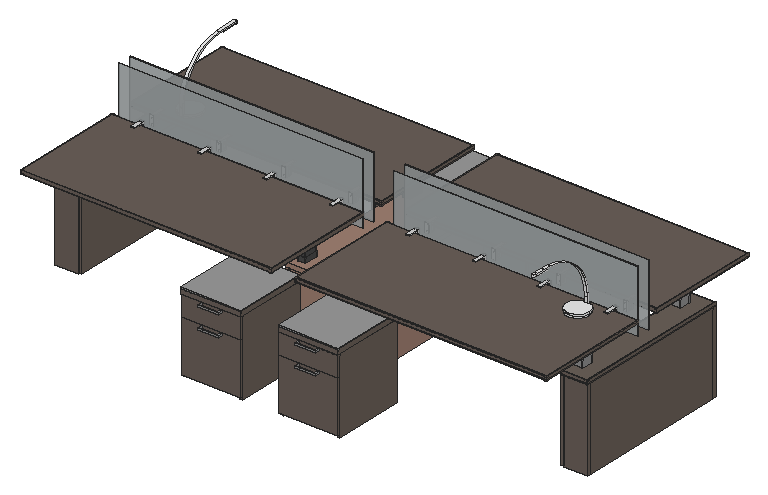
Revit family "OFS TYPICAL S200151", category Furniture, Revit 2022 (continued)
Definition of nested family "OFS ELEMENT OPEN L DESK LEFT AND RIGHT 84in Width 60in Return"
  Forms (in)
    Extrusion 5, solid, material <- "Standoffs Material", visible <- "Left Return Desk Option"
      sketch origin (44.5, -4.75, 0) x (1, 0, 0) y (0, 1, 0)
        loop
          circle (-41.875, 10.04085) r 0.625
      from 40.5 to 43.875
    Extrusion 6, solid, material <- "Standoffs Material", visible <- "Left Return Desk Option"
      sketch origin (66.75, 0, 0) x (1, 0, 0) y (0, 1, 0)
        loop
          circle (-27.375, 10.04085) r 0.625
      from 40.5 to 43.875
    Extrusion 7, solid, material <- "Standoffs Material", visible <- "Left Return Desk Option"
      sketch origin (66.75, -4.75, 0) x (1, 0, 0) y (0, 1, 0)
        loop
          circle (-27.375, 10.04085) r 0.625
      from 40.5 to 43.875
    Extrusion 8, solid, material <- "Chassis Material", visible <- "Left Return Desk Option"
      sketch origin (0, 0, 0) x (1, 0, 0) y (0, 1, 0)
        loop
          line (-42, -17.15625) -> (-42, -77.15625) -> (-20, -77.15625) -> (-20, -75.96875) -> (-40.8125, -75.96875) -> (-40.8125, -18.34375) -> (-20, -18.34375) -> (-20, -17.15625) -> (-42, -17.15625)
      from 0 to 40.5
    Extrusion 9, solid, material <- "Worksurface Material", visible <- "Left Return Desk Option"
      sketch origin (14.83926, -32.43958, 0) x (1, 0, 0) y (0, 1, 0)
        loop
          line (-55.65176, 14.09583) -> (-55.65176, -43.52917) -> (-34.83926, -43.52917) -> (-34.83926, 14.09583) -> (-55.65176, 14.09583)
      from 28.5 to 29.5
    Extrusion 10, solid, material <- "Desk Overlay Material", visible <- "Left Desk Overlay"
      sketch origin (0, 0, 0) x (1, 0, 0) y (0, 0, 1)
        loop
          line (35.5, 34) -> (6.5, 34) -> (6.5, 6.5) -> (35.5, 6.5) -> (35.5, 34)
      from -12.96875 to -12.84375
    Extrusion 11, solid, material <- "Chassis Material", visible <- "Left Return Desk Option"
      sketch origin (-18.5848, -3.95032, 0) x (1, 0, 0) y (0, 1, 0)
        loop
          line (19.7723, 15.60657) -> (18.5848, 15.60657) -> (18.5848, 3.95032) -> (19.7723, 3.95032) -> (19.7723, 15.60657)
      from 0 to 28.5
    Extrusion 12, solid, material <- "Paper Organizer Material", visible <- "Left Return Desk Option"
      sketch origin (0, 0, 0) x (1, 0, 0) y (0, 1, 0)
        loop
          line (-28.0625, -19.09375) -> (-28.0625, -18.34375) -> (-40.8125, -18.34375) -> (-40.8125, -75.96875) -> (-28.0625, -75.96875) -> (-28.0625, -75.21875) -> (-40.0625, -75.21875) -> (-40.0625, -19.09375) -> (-28.0625, -19.09375)
      from 34.125 to 40.5
    Extrusion 13, solid, material <- "Paper Organizer Material", visible <- "Left Return Desk Option"
      sketch origin (0, 0, 0) x (1, 0, 0) y (0, 1, 0)
        loop
          line (-40.8125, -18.34375) -> (-40.8125, -75.96875) -> (-28.0625, -75.96875) -> (-28.0625, -18.34375) -> (-40.8125, -18.34375)
      from 39.75 to 40.5
    Extrusion 14, solid, material <- "Paper Organizer Material", visible <- "Left Return Desk Option"
      sketch origin (0, 0, 0) x (1, 0, 0) y (0, 1, 0)
        loop
          line (-40.8125, -18.34375) -> (-40.8125, -75.96875) -> (-28.0625, -75.96875) -> (-28.0625, -18.34375) -> (-40.8125, -18.34375)
      from 34.125 to 34.875
    Extrusion 15, solid, material <- "Paper Organizer Material", visible <- "Left Return Desk Option"
      sketch origin (0, 0, 0) x (1, 0, 0) y (0, 1, 0)
        loop
          line (-40.0625, -32.625) -> (-40.0625, -32.875) -> (-28.8125, -32.875) -> (-28.8125, -32.625) -> (-40.0625, -32.625)
      from 34.875 to 39.75
    Extrusion 16, solid, material <- "Paper Organizer Material", visible <- "Left Return Desk Option"
      sketch origin (0, -11.40625, 0) x (1, 0, 0) y (0, 1, 0)
        loop
          line (-40.0625, -35.625) -> (-40.0625, -35.875) -> (-28.8125, -35.875) -> (-28.8125, -35.625) -> (-40.0625, -35.625)
      from 34.875 to 39.75
    Extrusion 17, solid, material <- "Paper Organizer Material", visible <- "Left Return Desk Option"
      sketch origin (0, -22.8125, 0) x (1, 0, 0) y (0, 1, 0)
        loop
          line (-40.0625, -38.625) -> (-40.0625, -38.875) -> (-28.8125, -38.875) -> (-28.8125, -38.625) -> (-40.0625, -38.625)
      from 34.875 to 39.75
    Extrusion 18, solid, material <- "Chassis Material", visible <- "Right Return Desk Option"
      sketch origin (0, 0, 0) x (-1, 0, 0) y (0, -1, 0)
        loop
          line (-42, 17.15625) -> (-20, 17.15625) -> (-20, 18.34375) -> (-40.8125, 18.34375) -> (-40.8125, 75.96875) -> (-20, 75.96875) -> (-20, 77.15625) -> (-42, 77.15625) -> (-42, 17.15625)
      from 0 to 40.5
    Extrusion 19, solid, material <- "Worksurface Material", visible <- "Right Return Desk Option"
      sketch origin (-14.83926, -32.43958, 0) x (-1, 0, 0) y (0, -1, 0)
        loop
          line (-55.65176, -14.09583) -> (-34.83926, -14.09583) -> (-34.83926, 43.52917) -> (-55.65176, 43.52917) -> (-55.65176, -14.09583)
      from 28.5 to 29.5
    Extrusion 20, solid, material <- "Paper Organizer Material", visible <- "Right Return Desk Option"
      sketch origin (0, 0, 0) x (-1, 0, 0) y (0, -1, 0)
        loop
          line (-28.0625, 19.09375) -> (-40.0625, 19.09375) -> (-40.0625, 75.21875) -> (-28.0625, 75.21875) -> (-28.0625, 75.96875) -> (-40.8125, 75.96875) -> (-40.8125, 18.34375) -> (-28.0625, 18.34375) -> (-28.0625, 19.09375)
      from 34.125 to 40.5
    Extrusion 21, solid, material <- "Paper Organizer Material", visible <- "Right Return Desk Option"
      sketch origin (0, 0, 0) x (-1, 0, 0) y (0, -1, 0)
        loop
          line (-40.8125, 18.34375) -> (-28.0625, 18.34375) -> (-28.0625, 75.96875) -> (-40.8125, 75.96875) -> (-40.8125, 18.34375)
      from 39.75 to 40.5
    Extrusion 22, solid, material <- "Paper Organizer Material", visible <- "Right Return Desk Option"
      sketch origin (0, 0, 0) x (-1, 0, 0) y (0, -1, 0)
        loop
          line (-40.8125, 18.34375) -> (-28.0625, 18.34375) -> (-28.0625, 75.96875) -> (-40.8125, 75.96875) -> (-40.8125, 18.34375)
      from 34.125 to 34.875
    Extrusion 23, solid, material <- "Paper Organizer Material", visible <- "Right Return Desk Option"
      sketch origin (0, 0, 0) x (-1, 0, 0) y (0, -1, 0)
        loop
          line (-40.0625, 32.625) -> (-28.8125, 32.625) -> (-28.8125, 32.875) -> (-40.0625, 32.875) -> (-40.0625, 32.625)
      from 34.875 to 39.75
    Extrusion 24, solid, material <- "Paper Organizer Material", visible <- "Right Return Desk Option"
      sketch origin (0, -11.40625, 0) x (-1, 0, 0) y (0, -1, 0)
        loop
          line (-40.0625, 35.625) -> (-28.8125, 35.625) -> (-28.8125, 35.875) -> (-40.0625, 35.875) -> (-40.0625, 35.625)
      from 34.875 to 39.75
    Extrusion 25, solid, material <- "Paper Organizer Material", visible <- "Right Return Desk Option"
      sketch origin (0, -22.8125, 0) x (-1, 0, 0) y (0, -1, 0)
        loop
          line (-40.0625, 38.625) -> (-28.8125, 38.625) -> (-28.8125, 38.875) -> (-40.0625, 38.875) -> (-40.0625, 38.625)
      from 34.875 to 39.75
    Extrusion 26, solid, material <- "Worksurface Material", visible <- "Right Return Desk Option"
      sketch origin (0, 0, 0) x (-1, 0, 0) y (0, -1, 0)
        loop
          line (-36, -11.65625) -> (40.8125, -11.65625) -> (40.8125, 17.15625) -> (-42, 17.15625) -> (-42, -5.65625)
          arc (-42, -5.65625) -> (-40.24264, -9.89889) -> (-36, -11.65625) r 6
      from 28.5 to 29.5
    Extrusion 27, solid, material <- "Chassis Material", visible <- "Right Return Desk Option"
      sketch origin (0, 0, 0) x (-1, 0, 0) y (0, -1, 0)
        loop
          line (42, -12.84375) -> (42, 17.15625) -> (40.8125, 17.15625) -> (40.8125, -11.65625) -> (0, -11.65625) -> (0, -12.84375) -> (42, -12.84375)
      from 0 to 40.5
    Extrusion 28, solid, material <- "Transaction Shelf Material", visible <- "Right Return Desk Option"
      sketch origin (0, 0, 6) x (-1, 0, 0) y (0, -1, 0)
        loop
          line (0, -17.15625) -> (42, -17.15625) -> (42, -3.65625) -> (0, -3.65625) -> (0, -17.15625)
      from 37.875 to 39
    Extrusion 29, solid, material <- "Standoffs Material", visible <- "Right Return Desk Option"
      sketch origin (-44.5, 0, 0) x (-1, 0, 0) y (0, -1, 0)
        loop
          circle (-41.875, -10.04085) r 0.625
      from 40.5 to 43.875
    Extrusion 30, solid, material <- "Standoffs Material", visible <- "Right Return Desk Option"
      sketch origin (-44.5, -4.75, 0) x (-1, 0, 0) y (0, -1, 0)
        loop
          circle (-41.875, -10.04085) r 0.625
      from 40.5 to 43.875
    Extrusion 31, solid, material <- "Standoffs Material", visible <- "Right Return Desk Option"
      sketch origin (-66.75, 0, 0) x (-1, 0, 0) y (0, -1, 0)
        loop
          circle (-27.375, -10.04085) r 0.625
      from 40.5 to 43.875
    Extrusion 32, solid, material <- "Standoffs Material", visible <- "Right Return Desk Option"
      sketch origin (-66.75, -4.75, 0) x (-1, 0, 0) y (0, -1, 0)
        loop
          circle (-27.375, -10.04085) r 0.625
      from 40.5 to 43.875
    Extrusion 33, solid, material <- "Chassis Material", visible <- "Right Return Desk Option"
      sketch origin (18.5848, -3.95032, 0) x (-1, 0, 0) y (0, -1, 0)
        loop
          line (19.7723, -15.60657) -> (19.7723, -3.95032) -> (18.5848, -3.95032) -> (18.5848, -15.60657) -> (19.7723, -15.60657)
      from 0 to 28.5
    Extrusion 34, solid, material <- "Chassis Material", visible <- "Right Return Desk Option"
      sketch origin (0, 0, 6) x (-1, 0, 0) y (0, -1, 0)
        loop
          line (0, -11.65625) -> (40.8125, -11.65625) -> (40.8125, -3.65625) -> (0, -3.65625) -> (0, -11.65625)
      from 33.375 to 34.5
    Extrusion 35, solid, material <- "Desk Overlay Material", visible <- "Right Desk Ovelay"
      sketch origin (0, 0, 0) x (-1, 0, 0) y (0, 0, -1)
        loop
          line (35.5, -34) -> (35.5, -6.5) -> (6.5, -6.5) -> (6.5, -34) -> (35.5, -34)
      from -12.96875 to -12.84375
    Extrusion 36, solid, material <- "Worksurface Material", visible <- "Left Return Desk Option"
      sketch origin (0, 0, 0) x (1, 0, 0) y (0, 1, 0)
        loop
          arc (-36, 11.65625) -> (-40.24264, 9.89889) -> (-42, 5.65625) r 6
          line (-42, 5.65625) -> (-42, -17.15625) -> (40.8125, -17.15625) -> (40.8125, 11.65625) -> (-36, 11.65625)
      from 28.5 to 29.5
  Cuts and joins
    joined: Extrusion 12, Extrusion 13, Extrusion 14
    joined: Extrusion 20, Extrusion 21, Extrusion 22
  Dimensions and locks (in)
    equal spacing: plane 7 "Left External", plane 3 "Center Left/Right", plane 5 "Right External"
    "Width": plane 7 "Left External" to plane 5 "Right External"
    equal spacing: plane 6 "Front External", plane 1 "Center Front/Back", plane 4 "Back External"
    "Desk Depth": plane 4 "Back External" to plane 6 "Front External"
    plane 8 "Seat Height" to level = 29 1/2"
    "Height": plane 9 "Height" to level
    "Lateral Board Thickness": plane 7 "Left External" to plane 11
    "Lateral Board Thickness": plane 10 to plane 5 "Right External"
    "Base Depth": plane 12 to plane 6 "Front External"
    "Back Board Thickness": plane 12 to plane 13
    "Table Depth": plane 4 "Back External" to plane 14
    plane 15 to level = 40 1/2"
    "Bottom Board Offset": plane 19 to level
    "Table Supp from Lateral": plane 5 "Right External" to plane 20
    "Table Supp from Lateral": plane 21 to plane 3 "Center Left/Right"
    "Desk Overlay": plane 5 "Right External" to plane 22
    "Desk Overlay": plane 24 to plane 15
    "Desk Overlay": plane 19 to plane 23
    "Desk Overlay Thickness": plane 25 to plane 12
    "Depth": plane 4 "Back External" to plane 26
    "Return Worksurface Width": plane 7 "Left External" to plane 27
    "Return Worksurface Width": plane 28 to plane 5 "Right External"
    "Back Board Thickness": plane 29 to plane 26
    plane 7 "Left External" to plane 30 = 5"
    plane 31 to plane 5 "Right External" = 5"
    equal spacing: plane 34, plane 43, plane 32, plane 42, plane 29
    "Desk Overlay": plane 33 to plane 3 "Center Left/Right"
    "Back Board Thickness": plane 6 "Front External" to plane 34
    "Paper Organizer Board Thickness": plane 34 to plane 37
    "Paper Organizer Board Thickness": plane 11 to plane 36
    "Paper Organizer Board Thickness": plane 35 to plane 29
    "Paper Organizer Depth": plane 11 to plane 38
    "Paper Organizer Clearance": plane 39 to plane 8 "Seat Height"
    "Paper Organizer Board Thickness": plane 15 to plane 40
    "Paper Organizer Board Thickness": plane 41 to plane 39
    "Paper Organizer Board Thickness": plane 44 to plane 38
    "Return Worksurface Width": plane 5 "Right External" to plane 45
    plane 29 to plane 26 = 1 3/16"
    plane 5 "Right External" to plane 46 = 5"
    plane 34 to plane 50 to plane 32 to plane 49 to plane 29 = 14 13/32", 14 13/32", 14 13/32", 14 13/32"
    "Paper Organizer Board Thickness": plane 34 to plane 47
    plane 35 to plane 29 = 3/4"
    "Paper Organizer Depth": plane 10 to plane 48
    "Paper Organizer Board Thickness": plane 51 to plane 48
    "Table Supp from Lateral": plane 53 to plane 3 "Center Left/Right"
    "Table Supp from Lateral": plane 7 "Left External" to plane 52
    locked: plane 7 "Left External" to plane 54 at 6.5
    aligned and locked: level to plane 2
    aligned and locked: Extrusion 1 sketch curve to plane 12
    aligned and locked: plane 5 "Right External" to Extrusion 1 sketch curve
    aligned and locked: Extrusion 1 sketch curve to plane 13
    aligned and locked: Extrusion 1 to plane 19
    aligned and locked: Extrusion 2 to plane 18
    aligned and locked: plane 10 to Extrusion 2
    aligned and locked: Extrusion 2 to plane 13
    aligned and locked: Extrusion 2 to plane 14
    aligned and locked: Extrusion 3 to plane 14
    aligned and locked: Extrusion 3 to plane 4 "Back External"
    aligned and locked: Extrusion 3 to plane 9 "Height"
    aligned and locked: Extrusion 3 to plane 17
    aligned and locked: plane 5 "Right External" to Extrusion 3
    aligned and locked: Extrusion 8 sketch curve to plane 29
    aligned and locked: plane 27 to Extrusion 8 sketch curve
    aligned and locked: plane 26 to Extrusion 8 sketch curve
    aligned and locked: Extrusion 8 sketch curve to plane 6 "Front External"
    aligned and locked: plane 11 to Extrusion 9
    aligned and locked: Extrusion 9 to plane 27
    aligned and locked: Extrusion 9 to plane 29
    aligned and locked: Extrusion 8 to plane 19
    aligned and locked: plane 15 to Extrusion 8
    aligned and locked: Extrusion 3 to plane 3 "Center Left/Right"
    aligned and locked: Extrusion 2 to plane 3 "Center Left/Right"
    aligned and locked: Extrusion 10 to plane 33
    aligned and locked: Extrusion 10 to plane 22
    aligned and locked: Extrusion 8 sketch curve to plane 34
    aligned and locked: Extrusion 9 to Extrusion 8 sketch curve
    aligned and locked: Extrusion 9 to Extrusion 8
    aligned and locked: plane 37 to Extrusion 12 sketch curve
    aligned and locked: plane 36 to Extrusion 12 sketch curve
    aligned and locked: Extrusion 12 sketch curve to plane 35
    aligned and locked: Extrusion 12 sketch curve to Extrusion 8  (x3)
    aligned and locked: plane 38 to Extrusion 12 sketch curve  (x2)
    aligned and locked: plane 15 to Extrusion 12
    aligned and locked: Extrusion 12 to plane 39
    aligned and locked: Extrusion 13 sketch curve to Extrusion 8  (x2)
    aligned and locked: Extrusion 13 sketch curve to Extrusion 12  (x2)
    aligned and locked: Extrusion 13 to plane 40
    aligned and locked: plane 15 to Extrusion 13
    aligned and locked: Extrusion 14 sketch curve to Extrusion 8  (x2)
    aligned and locked: plane 29 to Extrusion 14 sketch curve
    aligned and locked: Extrusion 14 sketch curve to plane 38
    aligned and locked: Extrusion 14 to plane 39
    aligned and locked: plane 41 to Extrusion 14
    aligned and locked: Extrusion 15 to plane 41
    aligned and locked: Extrusion 16 to plane 41
    aligned and locked: Extrusion 17 to plane 41
    aligned and locked: plane 40 to Extrusion 15
    aligned and locked: plane 40 to Extrusion 16
    aligned and locked: plane 40 to Extrusion 17
    aligned and locked: plane 29 to Extrusion 18 sketch curve
    aligned and locked: plane 45 to Extrusion 18 sketch curve
    aligned and locked: Extrusion 18 sketch curve to plane 26
    aligned and locked: plane 45 to Extrusion 19
    aligned and locked: plane 29 to Extrusion 19
    aligned and locked: Extrusion 18 sketch curve to plane 34
    aligned and locked: Extrusion 19 to Extrusion 18 sketch curve
    aligned and locked: Extrusion 18 to Extrusion 19
    aligned and locked: Extrusion 20 sketch curve to plane 47
    aligned and locked: plane 35 to Extrusion 20 sketch curve
    aligned and locked: Extrusion 18 to Extrusion 20 sketch curve
    aligned and locked: Extrusion 20 sketch curve to Extrusion 18  (x2)
    aligned and locked: Extrusion 20 sketch curve to plane 48
    aligned and locked: plane 48 to Extrusion 20 sketch curve
    aligned and locked: Extrusion 21 sketch curve to Extrusion 18  (x2)
    aligned and locked: Extrusion 21 sketch curve to Extrusion 20  (x2)
    aligned and locked: Extrusion 22 sketch curve to Extrusion 18  (x2)
    aligned and locked: Extrusion 22 sketch curve to plane 29
    aligned and locked: plane 48 to Extrusion 22 sketch curve
    aligned and locked: Extrusion 26 to Extrusion 27 sketch curve
    aligned and locked: Extrusion 27 sketch curve to Extrusion 26
    aligned and locked: Extrusion 26 to Extrusion 33
    aligned and locked: plane 55 to Extrusion 35
    aligned and locked: plane 54 to Extrusion 35
  Automatic sketch dimensions
    Extrusion 1 sketch curve to plane 3 "Center Left/Right" = 0"
    plane 6 "Front External" to Extrusion 1 sketch curve = 0"
    Extrusion 1 sketch curve to plane 10 = 0"
    Extrusion 2 sketch curve to plane 3 "Center Left/Right" = 0"
    Extrusion 2 sketch curve to plane 10 = 0"
    Extrusion 2 sketch curve to plane 14 = 0"
    Extrusion 2 sketch curve to plane 13 = 0"
    Extrusion 3 sketch curve to plane 3 "Center Left/Right" = 0"
    Extrusion 3 sketch curve to plane 5 "Right External" = 0"
    Extrusion 3 sketch curve to plane 14 = 0"
    Extrusion 3 sketch curve to plane 4 "Back External" = 0"
    Extrusion 4 sketch curve to plane 21 = 0"
    Extrusion 4 sketch curve to plane 13 = 1.6154"
    Extrusion 5 sketch curve to plane 21 = 0"
    plane 14 to Extrusion 5 sketch curve = 1.6346"
    Extrusion 6 sketch curve to plane 20 = 0"
    Extrusion 6 sketch curve to plane 13 = 1.6154"
    Extrusion 7 sketch curve to plane 20 = 0"
    plane 14 to Extrusion 7 sketch curve = 1.6346"
    Extrusion 8 sketch curve to plane 7 "Left External" = 0"
    Extrusion 8 sketch curve to plane 11 = 0"
    Extrusion 9 sketch curve to plane 11 = 0"
    Extrusion 9 sketch curve to plane 27 = 0"
    Extrusion 9 sketch curve to plane 29 = 0"
    Extrusion 9 sketch curve to plane 34 = 0"
    Extrusion 10 sketch curve to plane 24 = 0"
    Extrusion 10 sketch curve to plane 33 = 0"
    plane 22 to Extrusion 10 sketch curve = 0"
    Extrusion 10 sketch curve to plane 23 = 0"
    Extrusion 11 sketch curve to plane 3 "Center Left/Right" = 0"
    plane 1 "Center Front/Back" to Extrusion 11 sketch curve = 0"
    Extrusion 11 sketch curve to plane 13 = 0"
    Extrusion 11 sketch curve to Extrusion 11 sketch curve = 1 3/16"
    Extrusion 12 sketch curve to plane 37 = 0"
    Extrusion 15 sketch curve to plane 36 = 0"
    Extrusion 15 sketch curve to plane 44 = 0"
    Extrusion 15 sketch curve to plane 43 = 1/8"
    plane 43 to Extrusion 15 sketch curve = 1/8"
    Extrusion 16 sketch curve to plane 36 = 0"
    Extrusion 16 sketch curve to plane 44 = 0"
    Extrusion 16 sketch curve to plane 32 = 1/8"
    plane 32 to Extrusion 16 sketch curve = 1/8"
    Extrusion 17 sketch curve to plane 36 = 0"
    Extrusion 17 sketch curve to plane 44 = 0"
    Extrusion 17 sketch curve to plane 42 = 1/8"
    plane 42 to Extrusion 17 sketch curve = 1/8"
    Extrusion 18 sketch curve to plane 5 "Right External" = 0"
    Extrusion 18 sketch curve to plane 10 = 0"
    Extrusion 18 sketch curve to plane 6 "Front External" = 0"
    Extrusion 19 sketch curve to plane 10 = 0"
    Extrusion 19 sketch curve to plane 28 = 0"
    Extrusion 19 sketch curve to plane 29 = 0"
    plane 34 to Extrusion 19 sketch curve = 0"
    plane 37 to Extrusion 20 sketch curve = 0"
    plane 20 to Extrusion 20 sketch curve = 11/16"
    Extrusion 23 sketch curve to plane 51 = 0"
    plane 43 to Extrusion 23 sketch curve = 1/8"
    Extrusion 23 sketch curve to plane 43 = 1/8"
    plane 20 to Extrusion 23 sketch curve = 11/16"
    Extrusion 24 sketch curve to plane 51 = 0"
    plane 32 to Extrusion 24 sketch curve = 1/8"
    Extrusion 24 sketch curve to plane 32 = 1/8"
    plane 20 to Extrusion 24 sketch curve = 11/16"
    Extrusion 25 sketch curve to plane 51 = 0"
    plane 42 to Extrusion 25 sketch curve = 1/8"
    Extrusion 25 sketch curve to plane 42 = 1/8"
    plane 20 to Extrusion 25 sketch curve = 11/16"
    Extrusion 26 sketch curve to plane 5 "Right External" = 0"
    Extrusion 26 sketch curve to plane 13 = 0"
    Extrusion 26 sketch curve to plane 11 = 0"
    Extrusion 26 sketch curve to plane 6 "Front External" = 0"
    plane 22 to Extrusion 26 sketch curve = 1/2"
    Extrusion 27 sketch curve to plane 3 "Center Left/Right" = 0"
    Extrusion 27 sketch curve to plane 7 "Left External" = 0"
    Extrusion 27 sketch curve to plane 13 = 0"
    Extrusion 27 sketch curve to plane 12 = 0"
    Extrusion 28 sketch curve to plane 3 "Center Left/Right" = 0"
    Extrusion 28 sketch curve to plane 7 "Left External" = 0"
    Extrusion 28 sketch curve to plane 4 "Back External" = 0"
    Extrusion 28 sketch curve to plane 14 = 0"
    Extrusion 29 sketch curve to plane 53 = 0"
    plane 13 to Extrusion 29 sketch curve = 1.6154"
    Extrusion 30 sketch curve to plane 53 = 0"
    Extrusion 30 sketch curve to plane 14 = 1.6346"
    Extrusion 31 sketch curve to plane 52 = 0"
    plane 13 to Extrusion 31 sketch curve = 1.6154"
    Extrusion 32 sketch curve to plane 52 = 0"
    Extrusion 32 sketch curve to plane 14 = 1.6346"
    Extrusion 33 sketch curve to plane 3 "Center Left/Right" = 0"
    plane 1 "Center Front/Back" to Extrusion 33 sketch curve = 0"
    Extrusion 33 sketch curve to plane 13 = 0"
    Extrusion 33 sketch curve to Extrusion 33 sketch curve = 1 3/16"
    Extrusion 34 sketch curve to plane 3 "Center Left/Right" = 0"
    Extrusion 34 sketch curve to plane 11 = 0"
    Extrusion 34 sketch curve to plane 13 = 0"
    Extrusion 34 sketch curve to plane 14 = 0"
    Extrusion 35 sketch curve to plane 24 = 0"
    plane 55 to Extrusion 35 sketch curve = 0"
    Extrusion 35 sketch curve to plane 23 = 0"
    plane 54 to Extrusion 35 sketch curve = 0"
    Extrusion 36 sketch curve to plane 7 "Left External" = 0"
    Extrusion 36 sketch curve to plane 13 = 0"
    Extrusion 36 sketch curve to plane 10 = 0"
    plane 6 "Front External" to Extrusion 36 sketch curve = 0"
    Extrusion 36 sketch curve to plane 54 = 1/2"
    radius of Extrusion 4 sketch curve = 5/8"
    radius of Extrusion 5 sketch curve = 5/8"
    radius of Extrusion 6 sketch curve = 5/8"
    radius of Extrusion 7 sketch curve = 5/8"
    radius of Extrusion 29 sketch curve = 5/8"
    radius of Extrusion 30 sketch curve = 5/8"
    radius of Extrusion 31 sketch curve = 5/8"
    radius of Extrusion 32 sketch curve = 5/8"
Types (4): name | Model | Description
  (no name) | "S200151" | "OFS TYPICAL S200151"
  T200 | 0" | "OFS TYPICAL T200"
  T200151 | 0" | "OFS TYPICAL T200151"
  S200151 | "S200151" | "OFS TYPICAL S200151"
